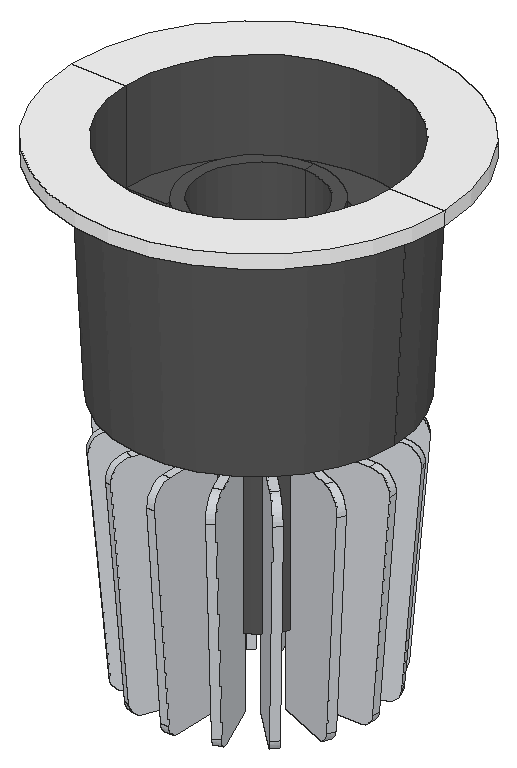
Revit family "2056222 Feilo Sylvania Lighting Fixture MYD ADJ BLK 4K PHDIM SIL BZ", category Lighting Fixtures, host Face, Revit 2017
Family settings
  Host = Face
  Round Connector Dimension = Use Diameter
  Part Type = Normal
  OmniClass Number = 23.80.70.00
  OmniClass Title = Lighting
  Cut with Voids When Loaded = Yes
  Light Source = No
  Shared = No
  Room Calculation Point = No
Parameters
  Weight = "0.39 kg"
  Wattage Comments = "n/a"
  WarrantyStartDate [instance] = "n/a"
  WarrantyGuarantorParts = "n/a"
  WarrantyDurationUnit = "n/a"
  WarrantyDurationParts = "n/a"
  WarrantyDescription = "n/a"
  Voltage = 230 V
  VerticalTiltStart_FEILO [instance] = VerticalTilt_FEILO + 90.00°  # 90.00°
  VerticalTilt_FEILO [instance] = 0.00°
  URL = "http://www.sylvania-lighting.com"
  TypeName = "MYRIDSQ IP65 FLD 3K STD"
  Type Image = <None>
  Type Comments = "n/a"
  SphereRadius_FEILO = 27.4 mm
  SerialNumber [instance] = "n/a"
  ReflectorMaterial = Default
  PowerFactor = 0
  PowerConsumption = "10 W"
  NominalLength = 72 mm
  NominalHeight = 64 mm
  NominalDepth = 72 mm
  Name = "MYRIDSQ IP65 FLD 3K STD"
  ModelReference = Name  # "MYRIDSQ IP65 FLD 3K STD"
  ModelNumber = "2056380"
  Model = Name  # "MYRIDSQ IP65 FLD 3K STD"
  Material = "aluminium housing"
  ManufacturerName = "Feilo Sylvania"
  Manufacturer = "Feilo Sylvania"
  LuminousEfficacy = "117 lm/W"
  LuminaireType = ""
  LightOutputRatio = "100"
  LampsType = Lamp  # "LED"
  LampType_FEILO = MyriadAdjustableRoundLamp : 2056222 MYD ADJ BLK 4K PHDIM SIL BZ
  LampNominalLuminous = "1165 lm"
  LampMacAdamStep = "n/a"
  LampColourTemperature = "3000 K"
  LampColourRenderingIndex = "0"
  Lamp = "LED"
  Keynote = "16500"
  InstallationDate [instance] = "n/a"
  InputVoltage = "230-240V~"
  InputNominalFrequency = "50/60 Hz"
  IngressProtection = "IP65"
  ImpactProtectionIndex = "IK02"
  IfcExportType = "IfcLightFixtureType"
  IfcExportAs = "IfcLightFixtureType"
  HorizontalTilt_FEILO [instance] = 0.00°
  ExpectedLife = 50000
  ElectricShockClassification = "Class II"
  DurationUnit = "hours"
  DocumentationLiterature = "http://www.sylvania-lighting.com/product/en-int/products/2056380"
  DimmingControlOptions = "Non dimmable"
  DiffuserMaterial = Default
  Description = ""
  Default Elevation = 1219.2 mm
  CreatedOn = "11/13/2017"
  CreatedBy = ""
  Cost = 0
  built-in parameter 1114216 [instance] = (empty or 0)
  ClassificationValue = "EF_70_80"
  ClassificationName = "Uniclass2015"
  BodyMaterial = Body-Sylvania-MyriadAdjustableRound-Black
  BarCode [instance] = "n/a"
  AssetType = "Fixed"
  AssetIdentifier [instance] = "n/a"
  Assembly Code = "D5020200"
  Apparent Load = 10 VA
  AccessoryMaterial = Body-Sylvania-MyriadAdjustableRound-Silver
Reference planes
  plane 1 "Center (Front/Back)": y = 0
  plane 2: z = 0
  plane 3 "Center (Left/Right)": x = 0
  plane 4: z = 3.5
  plane 5: x = 38
  plane 6: x = -38
  plane 7: z = -120
  plane 8: x = -48
  plane 9: x = 48
  plane 10: z = -20
  plane 11: z = -55
  plane 12: x = -35
  plane 13: x = 35
  plane 14: x = -34
  plane 15: x = 34
  plane 16: z = -32
  plane 17: x = -25
  plane 18: x = 2.4
Forms (mm)
  Revolve 1, void
    sketch origin (0, 0, 0) x (1, 0, 0) y (0, 0, 1)
      loop
        line (-38, 0) -> (-38, -120) -> (0, -120) -> (0, 0) -> (-38, 0)
      axis (0, 0) -> (0, -120)
    angle from 360 to 0
  Revolve 2, solid, material "Body-Sylvania-MyriadAdjustableRound-Black" <- "BodyMaterial"
    sketch origin (0, 0, 0) x (1, 0, 0) y (0, 0, 1)
      loop
        line (-34, -20) -> (-34, 3.5) -> (-48, 3.5) -> (-48, 0) -> (-38, 0) -> (-35, -55) -> (-25, -55) -> (-25, -32)
        arc (-25, -32) -> (-24.299, -25.843) -> (-22.232, -20) r 27.4
        line (-22.232, -20) -> (-34, -20)
      axis (0, 3.5) -> (0, -55)
    angle from 360 to 0
  Revolve 3, solid, not visible
    sketch origin (0, 0, 0) x (1, 0, 0) y (0, 0, 1)
      loop
        line (0, -32) -> (2.4, -32) -> (2.4, -20) -> (0, -20) -> (0, -32)
      axis (0, -20) -> (0, -32)
    angle from 90 <- "VerticalTiltStart_FEILO" to 0 <- "VerticalTilt_FEILO"
Lines and regions (mm)
  reference lines
    curve 1: circle (2.4, 0, -32) r 27.4 normal (0, -1, 0)
Dimensions and locks
  locked: plane 4 to plane 2 at 3.5
  plane 2 to plane 7 = 120 mm
  equal spacing: plane 5, plane 3 "Center (Left/Right)", plane 6
  locked: plane 3 "Center (Left/Right)" to plane 6 at 38
  equal spacing: plane 9, plane 3 "Center (Left/Right)", plane 8
  locked: plane 6 to plane 8 at 10
  locked: plane 2 to plane 10 at 20
  locked: plane 2 to plane 11 at 55
  equal spacing: plane 13, plane 3 "Center (Left/Right)", plane 12
  locked: plane 12 to plane 6 at 3
  equal spacing: plane 15, plane 3 "Center (Left/Right)", plane 14
  locked: plane 3 "Center (Left/Right)" to plane 14 at 34
  locked: plane 3 "Center (Left/Right)" to plane 17 at 25
  locked: plane 18 to plane 17 at 27.4
  locked: plane 10 to plane 16 at 12
  "SphereRadius_FEILO": radius of curve 1
  "SphereRadius_FEILO": radius of Revolve 2 sketch curve
  aligned and locked: plane 2 to host face
  aligned and locked: level to host face
  aligned and locked: Revolve 1 sketch curve to plane 3 "Center (Left/Right)"  (x2)
  aligned and locked: Revolve 1 sketch curve to level
  aligned and locked: plane 6 to Revolve 1 sketch curve
  aligned and locked: Revolve 1 sketch curve to plane 7
  aligned and locked: plane 14 to Revolve 2 sketch curve
  aligned and locked: Revolve 2 sketch curve to plane 4
  aligned and locked: Revolve 2 sketch curve to plane 8
  aligned and locked: Revolve 2 sketch curve to level
  aligned and locked: Revolve 2 sketch curve to plane 3 "Center (Left/Right)"
  aligned and locked: plane 18 to curve 1
  aligned and locked: plane 16 to curve 1
  aligned and locked: plane 10 to Revolve 2 sketch curve
  aligned and locked: plane 11 to Revolve 2 sketch curve
  aligned and locked: Revolve 2 sketch curve to plane 17
  aligned and locked: plane 16 to Revolve 3 sketch curve
  aligned and locked: Revolve 3 sketch curve to plane 3 "Center (Left/Right)"  (x2)
  aligned and locked: Revolve 3 sketch curve to plane 10
  aligned and locked: plane 18 to Revolve 3 sketch curve
  aligned and locked: nested 1 to plane 16
Automatic sketch dimensions
  host sketch curve to host sketch curve = 2438.4 mm  (x2)
  plane 7 to Revolve 1 sketch curve = 489.6 mm
  Revolve 1 sketch curve to plane 4 = 2604.058 mm
  Revolve 2 sketch curve to plane 6 = 0 mm
  Revolve 2 sketch curve to plane 12 = 0 mm
  Revolve 2 sketch curve to plane 16 = 0 mm
  plane 7 to Revolve 2 sketch curve = 489.6 mm
  Revolve 2 sketch curve to plane 4 = 2604.058 mm
  plane 7 to Revolve 3 sketch curve = 489.6 mm
  Revolve 3 sketch curve to plane 4 = 2605.558 mm
Nested families
  nested 1: "rev_horizontal" at (0, 0, -32) x (1, 0, 0) z (0, -1, 0), HorizontalAxis <- "HorizontalTilt_FEILO", type "rev_horizontal", not visible
    with HorizontalAxis 0.00°, EndAngle 90.00°
  nested 2: "MyriadAdjustableRoundLamp" at (0, 0, -32) x (0, -1, 0) z (0, 0, -1), type <- "LampType_FEILO", type "2056222 MYD ADJ BLK 4K PHDIM SIL BZ"
  nested 3: "Rib" at (0, 0, -10.5) x (0, -1, 0) z (0, 0, -1), type "Rib"
  nested 4: "Rib" at (0, 0, -10.5) x (0.7071, -0.7071, 0) z (0, 0, -1), type "Rib"
  nested 5: "Rib" at (0, 0, -10.5) x (1, 0, 0) z (0, 0, -1), type "Rib"
  nested 6: "Rib" at (0, 0, -10.5) x (0.7071, 0.7071, 0) z (0, 0, -1), type "Rib"
  nested 7: "Rib" at (0, 0, -10.5) x (0, 1, 0) z (0, 0, -1), type "Rib"
  nested 8: "Rib" at (0, 0, -10.5) x (-0.7071, 0.7071, 0) z (0, 0, -1), type "Rib"
  nested 9: "Rib" at (0, 0, -10.5) x (-1, 0, 0) z (0, 0, -1), type "Rib"
  nested 10: "Rib" at (0, 0, -10.5) x (-0.7071, -0.7071, 0) z (0, 0, -1), type "Rib"
  nested 11: "Rib" at (0, 0, -10.5) x (0.3827, -0.9239, 0) z (0, 0, -1), type "Rib"
  nested 12: "Rib" at (0, 0, -10.5) x (0.9239, -0.3827, 0) z (0, 0, -1), type "Rib"
  nested 13: "Rib" at (0, 0, -10.5) x (0.9239, 0.3827, 0) z (0, 0, -1), type "Rib"
  nested 14: "Rib" at (0, 0, -10.5) x (0.3827, 0.9239, 0) z (0, 0, -1), type "Rib"
  nested 15: "Rib" at (0, 0, -10.5) x (-0.3827, 0.9239, 0) z (0, 0, -1), type "Rib"
  nested 16: "Rib" at (0, 0, -10.5) x (-0.9239, 0.3827, 0) z (0, 0, -1), type "Rib"
  nested 17: "Rib" at (0, 0, -10.5) x (-0.9239, -0.3827, 0) z (0, 0, -1), type "Rib"
  nested 18: "Rib" at (0, 0, -10.5) x (-0.3849, -0.923, 0) z (0, 0, -1), type "Rib"
Connectors
  electrical at (0, 0, 0), driven by "Apparent Load", driven by "PowerFactor", driven by "Voltage"
    settings: index 1, voltage 230 V, apparent load 10 VA, apparent load phase1 0 VA, apparent load phase2 0 VA, apparent load phase3 0 VA, power factor 0, load classification "Lighting", number of poles 1, system type 30, power factor state 1, is connector primary yes, connector utility no, sub classification motor no, connector description ""
Definition of nested family "rev_horizontal"
  Parameters (values of type "rev_horizontal")
    URL = "http://www.feilosylvania.com"
    Type Comments = "n/a"
    ReflectorMaterial = none
    Model = "n/a"
    Manufacturer = "Feilo Sylvania"
    Keynote = "n/a"
    HorizontalAxis [instance] = 0.00°
    EndAngle [instance] = HorizontalAxis + 90.00°  # 90.00°
    DiffuserMaterial = none
    Description = "n/a"
    Default Elevation = 1219.2 mm
    Cost = 0
    BodyMaterial = none
    Assembly Code = "n/a"
    AccessoryMaterial = none
  Reference planes
    plane 1 "Center (Front/Back)": y = 0
    plane 2: z = 0
    plane 3 "Center (Left/Right)": x = 0
    plane 4: z = 10
    plane 5: x = -10
    plane 6: x = 10
  Forms (mm)
    Extrusion 1, solid
      sketch origin (-0.8, 0, 0) x (1, 0, 0) y (0, 1, 0)
        loop
          line (-1219.2, 1219.2) -> (-1219.2, -1219.2) -> (1219.2, -1219.2) -> (1219.2, 1219.2) -> (-1219.2, 1219.2)
      from 0 to -304.8
    Revolve 2, solid
      sketch origin (0, 0, 0) x (1, 0, 0) y (0, 0, 1)
        loop
          line (-10, 10) -> (-10, 0) -> (10, 0) -> (10, 10) -> (-10, 10)
        axis (-10, 0) -> (10, 0)
      angle from 0 <- "HorizontalAxis" to 90 <- "EndAngle"
  Dimensions and locks
    plane 4 to plane 2 = 10 mm
    aligned and locked: plane 2 to Extrusion 1
    aligned and locked: level to Extrusion 1
    aligned and locked: Revolve 2 sketch curve to plane 4
    aligned and locked: plane 5 to Revolve 2 sketch curve
    aligned and locked: Extrusion 1 to Revolve 2 sketch curve
    aligned and locked: Revolve 2 sketch curve to plane 2
    aligned and locked: Revolve 2 sketch curve to plane 6
Definition of nested family "MyriadAdjustableRoundLamp"
  Parameters (values of type "2056208 MYD ADJ WHT 3K PHDIM WHT BEZ")
    Wattage = 10 W
    built-in parameter 1150110 = 1 (stored number, unit not read)
    URL = "http://www.feilosylvania.com"
    Type Comments = "n/a"
    built-in parameter 1114217 = 1 (stored number, unit not read)
    Tilt Angle = 90.00°
    built-in parameter 1150109 = 1 (stored number, unit not read)
    built-in parameter 1150134 = (empty or 0)
    built-in parameter 1150113 = 1 (stored number, unit not read)
    ReflectorMaterial = none
    Photometric Web File = "2056208.ies"
    Model = "n/a"
    Manufacturer = "Feilo Sylvania"
    built-in parameter 1150105 = 55.704 (stored number, unit not read)
    Lumens = 700 lm
    built-in parameter 1150115 = 1 (stored number, unit not read)
    built-in parameter 1150137 = (empty or 0)
    built-in parameter 1150139 = (empty or 0)
    built-in parameter 1150112 = 1 (stored number, unit not read)
    built-in parameter 1150114 = 1 (stored number, unit not read)
    Keynote = "n/a"
    built-in parameter 1150132 = (empty or 0)
    built-in parameter 1150102 = (empty or 0)
    built-in parameter 1150107 = 3000 (stored number, unit not read)
    built-in parameter 1150138 = (empty or 0)
    built-in parameter 1150106 = 0.55704 (stored number, unit not read)
    Emit from Circle Diameter = 30 mm
    Emit Shape Visible in Rendering = no
    built-in parameter 1150104 = 6.5032 (stored number, unit not read)
    Dimming Lamp Color Temperature Shift = (empty or 0)
    DiffuserMaterial = none
    Description = "n/a"
    Default Elevation = 1219.2 mm
    Cost = 0
    Color Filter = 16777215
    BodyMaterial = none
    built-in parameter 1114218 = 1 (stored number, unit not read)
    built-in parameter 1150133 = 10 (stored number, unit not read)
    Assembly Code = "n/a"
    AccessoryMaterial = none
  Types (24, lengths in mm): name | Wattage | built-in parameter 1150134 | Photometric Web File | built-in parameter 1150105 | Lumens | built-in parameter 1150107 | built-in parameter 1150106 | built-in parameter 1150104
    2058036 MYRD AD BLK 2.7K DALI SIL BZ | 15 W | (empty or 0) | "2058036.ies" | 41.898 (stored number, unit not read) | 526.5 lm | 2700 (stored number, unit not read) | 0.41898 (stored number, unit not read) | 3.2609 (stored number, unit not read)
    2058035 MYRD AD BLK 2.7K PHDIM SIL BZ | 15 W | (empty or 0) | "2058035.ies" | 41.898 (stored number, unit not read) | 526.5 lm | 2700 (stored number, unit not read) | 0.41898 (stored number, unit not read) | 3.2609 (stored number, unit not read)
    2058034 MYRD AD BLK 2.7K DALI WHT BZ | 15 W | (empty or 0) | "2058034.ies" | 41.898 (stored number, unit not read) | 526.5 lm | 2700 (stored number, unit not read) | 0.41898 (stored number, unit not read) | 3.2609 (stored number, unit not read)
    2058033 MYRD AD BLK 2.7K PHDIM WHT BZ | 15 W | (empty or 0) | "2058033.ies" | 41.898 (stored number, unit not read) | 526.5 lm | 2700 (stored number, unit not read) | 0.41898 (stored number, unit not read) | 3.2609 (stored number, unit not read)
    2058032 MYRD AD WHT 2.7K DALI SIL BZ | 15 W | (empty or 0) | "2058032.ies" | 41.898 (stored number, unit not read) | 526.5 lm | 2700 (stored number, unit not read) | 0.41898 (stored number, unit not read) | 3.2609 (stored number, unit not read)
    2058031 MYRD AD WHT 2.7K PHDIM SIL BZ | 15 W | (empty or 0) | "2058031.ies" | 41.898 (stored number, unit not read) | 526.5 lm | 2700 (stored number, unit not read) | 0.41898 (stored number, unit not read) | 3.2609 (stored number, unit not read)
    2058030 MYRD AD WHT 2.7K DALI WHT BZ | 15 W | (empty or 0) | "2058030.ies" | 41.898 (stored number, unit not read) | 526.5 lm | 2700 (stored number, unit not read) | 0.41898 (stored number, unit not read) | 3.2609 (stored number, unit not read)
    2058029 MYRD AD WHT 2.7K PHDIM WHT BZ | 15 W | (empty or 0) | "2058029.ies" | 41.898 (stored number, unit not read) | 526.5 lm | 2700 (stored number, unit not read) | 0.41898 (stored number, unit not read) | 3.2609 (stored number, unit not read)
    2056223 MYD ADJ BLK 4K DALI SIL BEZ | 10 W | 12 | "2056223.ies" | 54.113 (stored number, unit not read) | 680 lm | 4000 (stored number, unit not read) | 0.54113 (stored number, unit not read) | 6.3174 (stored number, unit not read)
    2056222 MYD ADJ BLK 4K PHDIM SIL BZ | 10 W | 12 | "2056222.ies" | 54.113 (stored number, unit not read) | 680 lm | 4000 (stored number, unit not read) | 0.54113 (stored number, unit not read) | 6.3174 (stored number, unit not read)
    2056221 MYD ADJ BLK 4K DALII WHT BEZ | 10 W | 12 | "2056221.ies" | 54.113 (stored number, unit not read) | 680 lm | 4000 (stored number, unit not read) | 0.54113 (stored number, unit not read) | 6.3174 (stored number, unit not read)
    2056220 MYD ADJ BLK 4K PHDIM WHT BEZ | 10 W | 12 | "2056220.ies" | 54.113 (stored number, unit not read) | 680 lm | 4000 (stored number, unit not read) | 0.54113 (stored number, unit not read) | 6.3174 (stored number, unit not read)
    2056219 MYD ADJ BLK 3K DALI SIL BEZ | 10 W | (empty or 0) | "2056219.ies" | 55.704 (stored number, unit not read) | 700 lm | 3000 (stored number, unit not read) | 0.55704 (stored number, unit not read) | 6.5032 (stored number, unit not read)
    2056218 MYD ADJ BLK 3K PHDIM SIL BEZ | 10 W | (empty or 0) | "2056218.ies" | 55.704 (stored number, unit not read) | 700 lm | 3000 (stored number, unit not read) | 0.55704 (stored number, unit not read) | 6.5032 (stored number, unit not read)
    2056217 MYD ADJ BLK 3K DALI WHT BEZ | 10 W | (empty or 0) | "2056217.ies" | 55.704 (stored number, unit not read) | 700 lm | 3000 (stored number, unit not read) | 0.55704 (stored number, unit not read) | 6.5032 (stored number, unit not read)
    2056216 MYD ADJ BLK 3K PHDIM WHT BEZ | 10 W | (empty or 0) | "2056216.ies" | 55.704 (stored number, unit not read) | 700 lm | 3000 (stored number, unit not read) | 0.55704 (stored number, unit not read) | 6.5032 (stored number, unit not read)
    2056215 MYD ADJ WHT 4K DALI SIL BEZ | 10 W | 12 | "2056215.ies" | 54.113 (stored number, unit not read) | 680 lm | 4000 (stored number, unit not read) | 0.54113 (stored number, unit not read) | 6.3174 (stored number, unit not read)
    2056214 MYD ADJ WHT 4K PHDIM SIL BEZ | 10 W | 12 | "2056214.ies" | 54.113 (stored number, unit not read) | 680 lm | 4000 (stored number, unit not read) | 0.54113 (stored number, unit not read) | 6.3174 (stored number, unit not read)
    2056213 MYD ADJ WHT 4K DALI WHT BEZ | 10 W | 12 | "2056213.ies" | 54.113 (stored number, unit not read) | 680 lm | 4000 (stored number, unit not read) | 0.54113 (stored number, unit not read) | 6.3174 (stored number, unit not read)
    2056212 MYD ADJ WHT 4K PHDIM WHT BEZ | 10 W | 12 | "2056212.ies" | 54.113 (stored number, unit not read) | 680 lm | 4000 (stored number, unit not read) | 0.54113 (stored number, unit not read) | 6.3174 (stored number, unit not read)
    2056211 MYD ADJ WHT 3K DALI SIL BEZ | 10 W | (empty or 0) | "2056211.ies" | 55.704 (stored number, unit not read) | 700 lm | 3000 (stored number, unit not read) | 0.55704 (stored number, unit not read) | 6.5032 (stored number, unit not read)
    2056210 MYD ADJ WHT 3K PHDIM SIL BEZ | 10 W | (empty or 0) | "2056210.ies" | 55.704 (stored number, unit not read) | 700 lm | 3000 (stored number, unit not read) | 0.55704 (stored number, unit not read) | 6.5032 (stored number, unit not read)
    2056209 MYD ADJ WHT 3K DALI WHT BEZ | 10 W | (empty or 0) | "2056209.ies" | 55.704 (stored number, unit not read) | 700 lm | 3000 (stored number, unit not read) | 0.55704 (stored number, unit not read) | 6.5032 (stored number, unit not read)
    2056208 MYD ADJ WHT 3K PHDIM WHT BEZ | 10 W | (empty or 0) | "2056208.ies" | 55.704 (stored number, unit not read) | 700 lm | 3000 (stored number, unit not read) | 0.55704 (stored number, unit not read) | 6.5032 (stored number, unit not read)
  Reference planes
    plane 1 "Center (Front/Back)": y = 0
    plane 2: z = 0
    plane 3 "Center (Left/Right)": x = 0
    plane 4: x = -35
    plane 5: x = -12
    plane 6: x = -14.8
    plane 7: x = -25
    plane 8: x = -17.8
    plane 9: z = -18.5
    plane 10: z = 18.5
    plane 11: z = 29.5
    plane 12: z = 70.5
    plane 13: z = 89.5
    plane 14: z = 0
    plane 15: z = -6.5
    plane 16: x = -30
    plane 17: z = -21.5
  Forms (mm)
    Extrusion 1, solid
      sketch origin (-0.8, 0, 0) x (1, 0, 0) y (0, 1, 0)
        loop
          line (-1219.2, 1219.2) -> (-1219.2, -1219.2) -> (1219.2, -1219.2) -> (1219.2, 1219.2) -> (-1219.2, 1219.2)
      from 0 to -304.8
    Revolve 2, solid, material <- "BodyMaterial"
      sketch origin (0, 0, 0) x (1, 0, 0) y (0, 0, 1)
        loop
          line (-14.8, -21.5) -> (-14.8, -6.5) -> (0, -6.5) -> (0, 29.5) -> (-12, 29.5) -> (-12, 70.5) -> (-14.8, 70.5) -> (-14.8, 18.5) -> (-17.8, 18.5)
          arc (-17.8, 18.5) -> (-25, 0) -> (-17.8, -18.5) r 27.367
          line (-17.8, -18.5) -> (-17.8, -21.5) -> (-14.8, -21.5)
        axis (0, 70.5) -> (0, -21.5)
      angle from 0 to 360
    Revolve 3, solid, material <- "BodyMaterial", detail levels coarse+medium
      sketch origin (0, 0, 0) x (1, 0, 0) y (0, 0, 1)
        loop
          line (0, 29.5) -> (0, 89.5) -> (-30, 89.5) -> (-35, 29.5) -> (0, 29.5)
        axis (0, 89.5) -> (0, 29.5)
      angle from 0 to 360
  Lines and regions (mm)
    reference lines
      curve 1: line (0, 0, 0) -> (-32.336, 13.394, 0)
      curve 2: circle (0, 0, 0) r 35 normal (0, 0, 1)
      curve 3: line (0, 0, 0) -> (-24.749, 24.749, 0)
      curve 4: line (0, 0, 0) -> (-13.394, 32.336, 0)
      curve 5: line (0, 0, 0) -> (13.394, 32.336, 0)
      curve 6: line (0, 0, 0) -> (24.749, 24.749, 0)
      curve 7: line (0, 0, 0) -> (32.336, 13.394, 0)
      curve 8: line (0, 0, 0) -> (32.336, -13.394, 0)
      curve 9: line (0, 0, 0) -> (24.749, -24.749, 0)
      curve 10: line (0, 0, 0) -> (13.394, -32.336, 0)
      curve 11: line (0, 0, 0) -> (-13.394, -32.336, 0)
      curve 12: line (0, 0, 0) -> (-24.749, -24.749, 0)
      curve 13: line (0, 0, 0) -> (-32.336, -13.394, 0)
  Dimensions and locks
    locked: plane 3 "Center (Left/Right)" to plane 4 at 35
    locked: plane 3 "Center (Left/Right)" to plane 5 at 12
    locked: plane 3 "Center (Left/Right)" to plane 6 at 14.8
    locked: plane 3 "Center (Left/Right)" to plane 7 at 25
    locked: plane 3 "Center (Left/Right)" to plane 8 at 17.8
    equal spacing: plane 10, plane 14, plane 9, locked at 18.5 each
    locked: plane 3 "Center (Left/Right)" to plane 16 at 30
    locked: plane 9 to plane 17 at 3
    locked: plane 15 to plane 17 at 15
    locked: plane 10 to plane 17 at 40
    locked: plane 11 to plane 17 at 51
    locked: plane 12 to plane 17 at 92
    locked: plane 13 to plane 17 at 111
    radius of curve 2 = 35 mm
    angle curve 3 to plane 1 "Center (Front/Back)" = 45.00°
    angle curve 4 to plane 1 "Center (Front/Back)" = 67.50°
    angle plane 1 "Center (Front/Back)" to curve 5 = 67.50°
    angle plane 1 "Center (Front/Back)" to curve 6 = 45.00°
    angle plane 1 "Center (Front/Back)" to curve 7 = 22.50°
    angle curve 8 to plane 1 "Center (Front/Back)" = 22.50°
    angle curve 9 to plane 1 "Center (Front/Back)" = 45.00°
    angle curve 10 to plane 1 "Center (Front/Back)" = 67.50°
    angle curve 11 to plane 3 "Center (Left/Right)" = 22.50°
    angle curve 12 to plane 3 "Center (Left/Right)" = 45.00°
    angle curve 13 to plane 3 "Center (Left/Right)" = 67.50°
    aligned and locked: plane 2 to Extrusion 1
    aligned and locked: level to Extrusion 1
    aligned and locked: Revolve 2 sketch curve to plane 3 "Center (Left/Right)"  (x2)
    aligned and locked: plane 8 to Revolve 2 sketch curve  (x2)
    aligned and locked: plane 10 to Revolve 2 sketch curve
    aligned and locked: plane 6 to Revolve 2 sketch curve  (x2)
    aligned and locked: plane 12 to Revolve 2 sketch curve
    aligned and locked: Revolve 2 sketch curve to plane 5
    aligned and locked: plane 3 "Center (Left/Right)" to Revolve 2 sketch curve
    aligned and locked: plane 11 to Revolve 2 sketch curve
    aligned and locked: plane 3 "Center (Left/Right)" to curve 1
    aligned and locked: plane 3 "Center (Left/Right)" to curve 2
    aligned and locked: Revolve 3 sketch curve to plane 3 "Center (Left/Right)"
    aligned and locked: plane 13 to Revolve 3 sketch curve
    aligned and locked: plane 14 to level
    aligned and locked: plane 17 to Revolve 2 sketch curve
    aligned and locked: plane 15 to Revolve 2 sketch curve
    aligned and locked: plane 1 "Center (Front/Back)" to nested 1
    aligned and locked: nested 2 to curve 6
    aligned and locked: nested 2 to curve 3
    aligned and locked: plane 1 "Center (Front/Back)" to nested 3
    aligned and locked: nested 3 to plane 3 "Center (Left/Right)"
    aligned and locked: nested 4 to curve 3
    aligned and locked: nested 4 to curve 6
    aligned and locked: nested 5 to plane 3 "Center (Left/Right)"
    aligned and locked: nested 5 to plane 1 "Center (Front/Back)"
    aligned and locked: nested 6 to nested 2  (x2)
    aligned and locked: nested 7 to plane 1 "Center (Front/Back)"
    aligned and locked: plane 3 "Center (Left/Right)" to nested 7
    aligned and locked: nested 8 to nested 4  (x2)
    aligned and locked: nested 9 to curve 5
    aligned and locked: nested 9 to curve 1
    aligned and locked: nested 10 to curve 7
    aligned and locked: nested 10 to curve 4
    aligned and locked: nested 11 to curve 8
    aligned and locked: nested 11 to curve 5
    aligned and locked: nested 12 to curve 10
    aligned and locked: nested 12 to curve 7
    aligned and locked: nested 13 to nested 9  (x2)
    aligned and locked: nested 14 to nested 10  (x2)
    aligned and locked: nested 15 to curve 8
    aligned and locked: nested 15 to curve 11
    aligned and locked: imposter light to plane 1 "Center (Front/Back)"
    aligned and locked: plane 3 "Center (Left/Right)" to imposter light
    aligned and locked: imposter light to plane 17
  Automatic sketch dimensions
    Extrusion 1 sketch curve to Extrusion 1 sketch curve = 2438.4 mm  (x2)
    plane 1 "Center (Front/Back)" to curve 2 = 0 mm
    plane 1 "Center (Front/Back)" to curve 11 = 0 mm
    curve 1 to plane 16 = 2.336 mm
    Revolve 3 sketch curve to level = 609.6 mm
    Revolve 3 sketch curve to Revolve 3 sketch curve = 2498.058 mm
    Revolve 3 sketch curve to plane 4 = 0 mm
    Revolve 3 sketch curve to plane 16 = 0 mm
    Revolve 3 sketch curve to plane 3 "Center (Left/Right)" = 0 mm
    Revolve 3 sketch curve to plane 11 = 0 mm
    Revolve 2 sketch curve to level = 0 mm
    plane 3 "Center (Left/Right)" to Revolve 2 sketch curve = 2.367 mm
    Revolve 2 sketch curve to plane 17 = 588.1 mm
    Revolve 2 sketch curve to plane 13 = 2498.058 mm
  Nested families
    nested 1: "Rib" at (0, 0, -21.5), type "Rib", detail levels fine
    nested 2: "Rib" at (0, 0, -21.5) x (0.7071, -0.7071, 0) z (0, 0, 1), type "Rib", detail levels fine
    nested 3: "Rib" at (0, 0, -21.5) x (0, -1, 0) z (0, 0, 1), type "Rib", detail levels fine
    nested 4: "Rib" at (0, 0, -21.5) x (-0.7071, -0.7071, 0) z (0, 0, 1), type "Rib", detail levels fine
    nested 5: "Rib" at (0, 0, -21.5) x (-1, 0, 0) z (0, 0, 1), type "Rib", detail levels fine
    nested 6: "Rib" at (0, 0, -21.5) x (-0.7071, 0.7071, 0) z (0, 0, 1), type "Rib", detail levels fine
    nested 7: "Rib" at (0, 0, -21.5) x (0, 1, 0) z (0, 0, 1), type "Rib", detail levels fine
    nested 8: "Rib" at (0, 0, -21.5) x (0.7071, 0.7071, 0) z (0, 0, 1), type "Rib", detail levels fine
    nested 9: "Rib" at (0, 0, -21.5) x (0.9239, -0.3827, 0) z (0, 0, 1), type "Rib", detail levels fine
    nested 10: "Rib" at (0, 0, -21.5) x (0.3827, -0.9239, 0) z (0, 0, 1), type "Rib", detail levels fine
    nested 11: "Rib" at (0, 0, -21.5) x (-0.3827, -0.9239, 0) z (0, 0, 1), type "Rib", detail levels fine
    nested 12: "Rib" at (0, 0, -21.5) x (-0.9239, -0.3827, 0) z (0, 0, 1), type "Rib", detail levels fine
    nested 13: "Rib" at (0, 0, -21.5) x (-0.9239, 0.3827, 0) z (0, 0, 1), type "Rib", detail levels fine
    nested 14: "Rib" at (0, 0, -21.5) x (-0.3827, 0.9239, 0) z (0, 0, 1), type "Rib", detail levels fine
    nested 15: "Rib" at (0, 0, -21.5) x (0.3827, 0.9239, 0) z (0, 0, 1), type "Rib", detail levels fine
    nested 16: "Rib" at (0, 0, -21.5) x (0.923, 0.3849, 0) z (0, 0, 1), type "Rib", detail levels fine
  Definition of nested family "Rib"
    Parameters (values of type "Rib")
      URL = "http://www.feilosylvania.com"
      Type Comments = "n/a"
      ReflectorMaterial = none
      Model = "n/a"
      Manufacturer = "Feilo Sylvania"
      Keynote = "n/a"
      DiffuserMaterial = none
      Description = "n/a"
      Default Elevation = 1219.2 mm
      Cost = 0
      BodyMaterial = none
      Assembly Code = "n/a"
      AccessoryMaterial = none
    Reference planes
      plane 1 "Center (Front/Back)": y = 0
      plane 2: z = 0
      plane 3 "Center (Left/Right)": x = 0
      plane 4: x = -35
      plane 5: x = -30
      plane 6: x = -13
      plane 7: z = 51
      plane 8: z = 111
      plane 9: y = 1
      plane 10: y = -1
    Forms (mm)
      Extrusion 1, solid
        sketch origin (-0.8, 0, 0) x (1, 0, 0) y (0, 1, 0)
          loop
            line (-1219.2, 1219.2) -> (-1219.2, -1219.2) -> (1219.2, -1219.2) -> (1219.2, 1219.2) -> (-1219.2, 1219.2)
        from 0 to -304.8
      Extrusion 2, solid, material <- "BodyMaterial"
        sketch origin (0, 0, 0) x (1, 0, 0) y (0, 0, 1)
          loop
            line (-13, 111) -> (-27.182, 111)
            arc (-27.182, 111) -> (-29.214, 110.208) -> (-30.172, 108.249) r 3
            line (-30.172, 108.249) -> (-34.491, 56.415)
            arc (-34.491, 56.415) -> (-33.188, 52.614) -> (-29.509, 51) r 5
            line (-29.509, 51) -> (-13, 51) -> (-13, 111)
        from -1 to 1
    Dimensions and locks
      locked: plane 7 to plane 2 at 51
      locked: plane 8 to plane 2 at 111
      locked: plane 3 "Center (Left/Right)" to plane 6 at 13
      locked: plane 3 "Center (Left/Right)" to plane 5 at 30
      locked: plane 3 "Center (Left/Right)" to plane 4 at 35
      equal spacing: plane 10, plane 1 "Center (Front/Back)", plane 9, locked at 1 each
      locked: plane 10 to plane 9 at 2
      aligned and locked: plane 2 to Extrusion 1
      aligned and locked: level to Extrusion 1
      aligned and locked: plane 8 to Extrusion 2 sketch curve  (x2)
      aligned and locked: Extrusion 2 sketch curve to plane 6
      aligned and locked: Extrusion 2 sketch curve to plane 7
      aligned and locked: Extrusion 2 to plane 9
      aligned and locked: plane 10 to Extrusion 2
    Automatic sketch dimensions
      Extrusion 1 sketch curve to Extrusion 1 sketch curve = 2438.4 mm  (x2)
      Extrusion 2 sketch curve to plane 6 = 0 mm
      plane 5 to Extrusion 2 sketch curve = 2.818 mm
      plane 5 to Extrusion 2 sketch curve = 0.491 mm
      Extrusion 2 sketch curve to plane 5 = 0.172 mm
      plane 4 to Extrusion 2 sketch curve = 0.509 mm
      Extrusion 2 sketch curve to Extrusion 2 sketch curve = 5 mm
      Extrusion 2 sketch curve to Extrusion 2 sketch curve = 3 mm
Definition of nested family "Rib"
  Parameters (values of type "Rib")
    URL = "http://www.feilosylvania.com"
    Type Comments = "n/a"
    ReflectorMaterial = none
    Model = "n/a"
    Manufacturer = "Feilo Sylvania"
    Keynote = "n/a"
    DiffuserMaterial = none
    Description = "n/a"
    Default Elevation = 1219.2 mm
    Cost = 0
    BodyMaterial = none
    Assembly Code = "n/a"
    AccessoryMaterial = none
  Reference planes
    plane 1 "Center (Front/Back)": y = 0
    plane 2: z = 0
    plane 3 "Center (Left/Right)": x = 0
    plane 4: x = -35
    plane 5: x = -30
    plane 6: x = -13
    plane 7: z = 51
    plane 8: z = 111
    plane 9: y = 1
    plane 10: y = -1
  Forms (mm)
    Extrusion 1, solid
      sketch origin (-0.8, 0, 0) x (1, 0, 0) y (0, 1, 0)
        loop
          line (-1219.2, 1219.2) -> (-1219.2, -1219.2) -> (1219.2, -1219.2) -> (1219.2, 1219.2) -> (-1219.2, 1219.2)
      from 0 to -304.8
    Extrusion 2, solid, material <- "BodyMaterial"
      sketch origin (0, 0, 0) x (1, 0, 0) y (0, 0, 1)
        loop
          line (-13, 111) -> (-27.182, 111)
          arc (-27.182, 111) -> (-29.214, 110.208) -> (-30.172, 108.249) r 3
          line (-30.172, 108.249) -> (-34.491, 56.415)
          arc (-34.491, 56.415) -> (-33.188, 52.614) -> (-29.509, 51) r 5
          line (-29.509, 51) -> (-13, 51) -> (-13, 111)
      from -1 to 1
  Dimensions and locks
    locked: plane 7 to plane 2 at 51
    locked: plane 8 to plane 2 at 111
    locked: plane 3 "Center (Left/Right)" to plane 6 at 13
    locked: plane 3 "Center (Left/Right)" to plane 5 at 30
    locked: plane 3 "Center (Left/Right)" to plane 4 at 35
    equal spacing: plane 10, plane 1 "Center (Front/Back)", plane 9, locked at 1 each
    locked: plane 10 to plane 9 at 2
    aligned and locked: plane 2 to Extrusion 1
    aligned and locked: level to Extrusion 1
    aligned and locked: plane 8 to Extrusion 2 sketch curve  (x2)
    aligned and locked: Extrusion 2 sketch curve to plane 6
    aligned and locked: Extrusion 2 sketch curve to plane 7
    aligned and locked: Extrusion 2 to plane 9
    aligned and locked: plane 10 to Extrusion 2
  Automatic sketch dimensions
    Extrusion 1 sketch curve to Extrusion 1 sketch curve = 2438.4 mm  (x2)
    Extrusion 2 sketch curve to plane 6 = 0 mm
    plane 5 to Extrusion 2 sketch curve = 2.818 mm
    plane 5 to Extrusion 2 sketch curve = 0.491 mm
    Extrusion 2 sketch curve to plane 5 = 0.172 mm
    plane 4 to Extrusion 2 sketch curve = 0.509 mm
    Extrusion 2 sketch curve to Extrusion 2 sketch curve = 5 mm
    Extrusion 2 sketch curve to Extrusion 2 sketch curve = 3 mm
